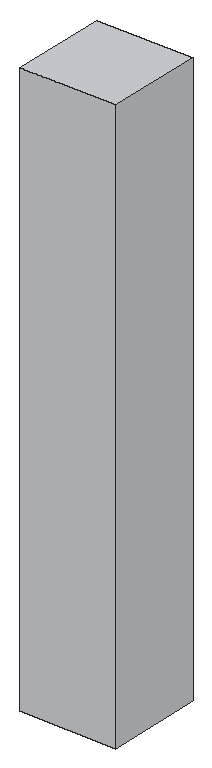
Revit family "Familie1", category Vertikale Holme, Revit 2022
Family settings
  OmniClass-Nummer = 23.30.80.11.11.14
  OmniClass-Titel = Posts, Newel Posts, Pickets
  Immer vertikal = Ja
  Beim Laden mit Abzugskörper schneiden = Nein
  Gemeinsam genutzt = Nein
Parameters
  built-in parameter 1008623 [instance] = (empty or 0)
  built-in parameter 1008625 [instance] = (empty or 0)
  Post = no
  built-in parameter 1008624 [instance] = (empty or 0)
  built-in parameter 1008622 [instance] = 750 mm
Reference planes
  plane 1 "Mitte (Vorne/hinten)": y = 0
  plane 2: z = 0
  plane 3 "Mitte (Links/rechts)": x = 0
  plane 4 "Oberkante": z = 750
  plane 5 "Pfosten (oben)": z = 900
Forms (mm)
  Extrusion 1, solid
    sketch origin (0, 0, 0) x (1, 0, 0) y (0, 1, 0)
      loop
        line (-75, 75) -> (-75, -75) -> (75, -75) -> (75, 75) -> (-75, 75)
    from 0 to 900
Lines and regions (mm)
  reference lines
    curve 1: line (-75, 0, 0) -> (-75, 75, 0)
    curve 2: line (-75, 75, 0) -> (75, 75, 0)
    curve 3: line (75, 75, 0) -> (75, -75, 0)
    curve 4: line (75, -75, 0) -> (-75, -75, 0)
    curve 5: line (-75, -75, 0) -> (-75, 0, 0)
  model lines
    curve 6: line (-75, 75, 0) -> (75, 75, 0)
    curve 7: line (-75, -75, 0) -> (-75, 75, 0)
    curve 8: line (75, -75, 0) -> (-75, -75, 0)
    curve 9: line (75, 75, 0) -> (75, -75, 0)
Text (mm)
  text "Höhenangabe" at (0, 430.973, 965.128), in view "Links"
Dimensions and locks
  "built-in parameter 1008622": plane 2 to plane 4 "Oberkante"
  aligned and locked: plane 2 to level
Automatic sketch dimensions
  plane 1 "Mitte (Vorne/hinten)" to curve 5 = 0 mm
  plane 3 "Mitte (Links/rechts)" to curve 3 = 75 mm
  plane 1 "Mitte (Vorne/hinten)" to curve 3 = 75 mm
  curve 1 to curve 2 = 75 mm
  curve 5 to plane 3 "Mitte (Links/rechts)" = 75 mm
  curve 8 to plane 3 "Mitte (Links/rechts)" = 75 mm
  plane 3 "Mitte (Links/rechts)" to curve 8 = 75 mm
  plane 1 "Mitte (Vorne/hinten)" to curve 8 = 75 mm
  curve 7 to plane 1 "Mitte (Vorne/hinten)" = 75 mm
  plane 3 "Mitte (Links/rechts)" to Extrusion 1 sketch curve = 75 mm
  plane 1 "Mitte (Vorne/hinten)" to Extrusion 1 sketch curve = 75 mm
  Extrusion 1 sketch curve to plane 1 "Mitte (Vorne/hinten)" = 75 mm
  Extrusion 1 sketch curve to plane 3 "Mitte (Links/rechts)" = 75 mm
